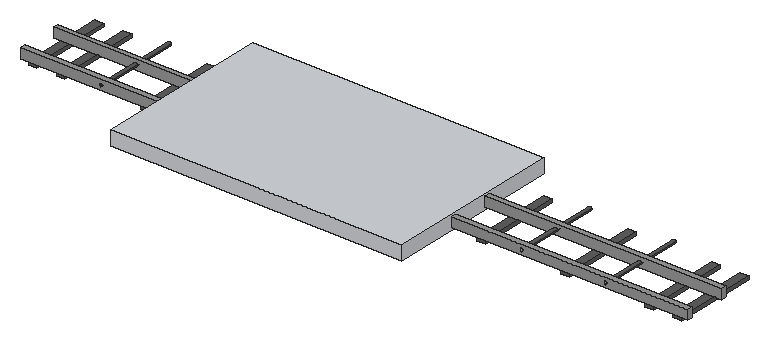
Revit family "1412-2, Solid", category Generic Models, host Face, Revit 2020
Family settings
  Host = Face
  Can host rebar = No
  Round Connector Dimension = Use Diameter
  Part Type = Normal
  Cut with Voids When Loaded = No
  Shared = No
  Room Calculation Point = No
Parameters
  min_value [instance] = 2' - 4"  # constant formula
  max_value [instance] = 11' - 11 1/4"  # constant formula
  actual_value [instance] = if(NET LENGTH < min_value, min_value, if(NET LENGTH > max_value, max_value, NET LENGTH))  # 7' - 11 1/4"
  NET LENGTH [instance] = 7' - 11 1/4"
  IMPORTANT NOTE!!!                                                                             *Backer & dowel layout is for visualization purposes only, final layout to be determined by 9Wood. [instance] = ""
  Default Elevation = 4' - 0"
  DOWEL RADIUS [instance] = 0' - 0 1/4"  # constant formula
  BACKER & DOWEL MATERIAL [instance] = BLACK-BACKERS
  .. MEMBER WIDTH [instance] = 0' - 0 3/4"  # constant formula
  .. MEMBER MATERIAL [instance] = Solid Western Hemlock
  .. MEMBER DEPTH [instance] = 0' - 1 3/8"  # constant formula
  .. MEMBER COUNT [instance] = 2  # constant formula
Reference planes (in)
  plane 1 "Center (Front/Back)": y = 0
  plane 2: z = 0
  plane 3 "Center (Left/Right)": x = 0
Forms (in)
  Extrusion 1, solid
    sketch origin (0, 0, 0) x (1, 0, 0) y (0, 1, 0)
      loop
        line (-24.24823, 14.63962) -> (-24.24823, -10.69266) -> (17.36192, -10.69266) -> (17.36192, 14.63962) -> (-24.24823, 14.63962)
    from 0 to 2.0625
Dimensions and locks (in)
  aligned and locked: plane 2 to Extrusion 1
  aligned and locked: nested 1 to plane 2
Nested families (in)
  nested 1: "1400 series" at (-44.01308, -2.1224, -0.06061), NET LENGTH <- "actual_value", .. MEMBER DEPTH <- ".. MEMBER DEPTH", .. MEMBER WIDTH <- ".. MEMBER WIDTH", DOWEL RADIUS <- "DOWEL RADIUS", BACKER & DOWEL MATERIAL <- "BACKER & DOWEL MATERIAL", .. MEMBER MATERIAL <- ".. MEMBER MATERIAL", MEMBER COUNT <- ".. MEMBER COUNT", type "1400 series"
    with X 7' - 8", SCRIM MATERIAL SCRIM, SCRIM LENGTH 8' - 1", SCRIM APPEARANCE yes, SCRIM 2 0' - 0 7/8", SCRIM 1 0' - 0 3/32", OC TYP 1' - 0", NET LENGTH 7' - 11 1/4", N 8, MEMBER COUNT 2, INSET 2 0' - 0 3/16", INSET 0' - 1", HALF MEMBER WIDTH 0' - 0 3/8", END BACKER yes, DOWEL RADIUS 0' - 0 1/4", DOWEL INDEX 0' - 11 5/8", DOWEL COUNT 7, BACKING M COUNT 8, BACKER WIDTH 0' - 1 1/4", BACKER INDEX 0' - 5 5/8", BACKER DEPTH 0' - 0 1/2", BACKER & DOWEL MATERIAL BLACK-BACKERS, BACKER &  DOWEL LENGTH 0' - 11 7/8", .. MEMBER WIDTH 0' - 0 3/4", .. MEMBER OC TYP 0' - 6", .. MEMBER MATERIAL Solid Western Hemlock, .. MEMBER DEPTH 0' - 1 3/8"
Definition of nested family "1400 series"
  Parameters (values of type "1400 series")
    X [instance] = NET LENGTH - 0' 3 1/4"  # 7' - 2"
    SCRIM MATERIAL [instance] = none
    SCRIM APPEARANCE [instance] = yes
    SCRIM 2 [instance] = 0' - 0 7/8"  # constant formula
    SCRIM 1 [instance] = 0' - 0 3/32"  # constant formula
    OC TYP [instance] = 1' - 0"  # constant formula
    N [instance] = if((X - (rounddown(X / 1' 0") * 1' 0")) > 1' 0", rounddown(X / 1' 0") + 2, rounddown(X / 1' 0") + 1)  # 8
    MEMBER COUNT [instance] = 2
    INSET 5 = 0' - 0 11/16"  # constant formula
    INSET 2 [instance] = 0' - 0 3/16"  # constant formula
    INSET [instance] = 0' - 1"  # constant formula
    END BACKER [instance] = BACKER INDEX > 0' 3 5/8"  # no
    HALF MEMBER WIDTH [instance] = .. MEMBER WIDTH / 2  # 0' - 1 1/8"
    Default Elevation = 0' - 0"
    DOWEL RADIUS [instance] = 0' - 0 1/4"
    DOWEL INDEX [instance] = BACKER INDEX + 0' 6"  # 0' - 8 5/8"
    DOWEL COUNT [instance] = N - 1  # 7
    BACKER WIDTH [instance] = 0' - 1 1/4"  # constant formula
    BACKER INDEX [instance] = (NET LENGTH - ((N - 1) * 1' 0")) / 2  # 0' - 2 5/8"
    BACKER DEPTH [instance] = 0' - 0 1/2"  # constant formula
    BACKING M COUNT [instance] = N  # 8
    BACKER & DOWEL MATERIAL [instance] = none
    BACKER &  DOWEL LENGTH [instance] = 0' - 11 7/8"  # constant formula
    SCRIM LENGTH [instance] = NET LENGTH + (SCRIM 2 * 2)  # 7' - 7"
    .. MEMBER WIDTH [instance] = 0' - 2 1/4"
    .. MEMBER OC TYP [instance] = 1' 0" / MEMBER COUNT  # 0' - 6"
    .. MEMBER MATERIAL [instance] = none
    NET LENGTH [instance] = 7' - 5 1/4"
    .. MEMBER DEPTH [instance] = 0' - 4"
  Reference planes (in)
    plane 1 "Center (Front/Back)": y = 0
    plane 2: z = 0
    plane 3 "Center (Left/Right)": x = 0
    plane 4: x = 89.25
    plane 5: x = 1
    plane 6: x = 88.25
    plane 7: x = 2.625
    plane 8: x = 8.625
    plane 9: x = 14.625
    plane 10: x = 20.625
    plane 11: y = 0.1875
    plane 12: y = 1.125
    plane 13: y = 7.125
    plane 14: y = 12.0625
    plane 15: x = 90.125
    plane 16: x = -0.875
    plane 17: y = 12.15625
    plane 18: y = -0.09375
    plane 19: z = 2.7097
    plane 20: z = 0.56061
    plane 21: z = 1.24811
  Lines and regions (in)
    model lines, not visible
      curve 1: line (8.625, 0, 0.99811) -> (8.625, 0, 1.49811)
      curve 2: line (8.625, 0, 1.49811) -> (8.375, 0, 1.24811)
      curve 3: line (8.375, 0, 1.24811) -> (8.875, 0, 1.24811)
      curve 4: line (20.625, 0, 0.99811) -> (20.625, 0, 1.49811)
      curve 5: line (20.625, 0, 1.49811) -> (20.375, 0, 1.24811)
      curve 6: line (20.375, 0, 1.24811) -> (20.875, 0, 1.24811)
      curve 7: line (32.625, 0, 0.99811) -> (32.625, 0, 1.49811)
      curve 8: line (32.625, 0, 1.49811) -> (32.375, 0, 1.24811)
      curve 9: line (32.375, 0, 1.24811) -> (32.875, 0, 1.24811)
      curve 10: line (44.625, 0, 0.99811) -> (44.625, 0, 1.49811)
      curve 11: line (44.625, 0, 1.49811) -> (44.375, 0, 1.24811)
      curve 12: line (44.375, 0, 1.24811) -> (44.875, 0, 1.24811)
      curve 13: line (56.625, 0, 0.99811) -> (56.625, 0, 1.49811)
      curve 14: line (56.625, 0, 1.49811) -> (56.375, 0, 1.24811)
      curve 15: line (56.375, 0, 1.24811) -> (56.875, 0, 1.24811)
      curve 16: line (68.625, 0, 0.99811) -> (68.625, 0, 1.49811)
      curve 17: line (68.625, 0, 1.49811) -> (68.375, 0, 1.24811)
      curve 18: line (68.375, 0, 1.24811) -> (68.875, 0, 1.24811)
      curve 19: line (80.625, 0, 0.99811) -> (80.625, 0, 1.49811)
      curve 20: line (80.625, 0, 1.49811) -> (80.375, 0, 1.24811)
      curve 21: line (80.375, 0, 1.24811) -> (80.875, 0, 1.24811)
  Dimensions and locks (in)
    "INSET": plane 3 "Center (Left/Right)" to plane 5
    "NET LENGTH": plane 3 "Center (Left/Right)" to plane 4
    "INSET": plane 6 to plane 4
    "BACKER INDEX": plane 3 "Center (Left/Right)" to plane 7
    "DOWEL INDEX": plane 3 "Center (Left/Right)" to plane 8
    "OC TYP": plane 7 to plane 9
    "OC TYP": plane 8 to plane 10
    "INSET 2": plane 1 "Center (Front/Back)" to plane 11
    equal spacing: group 1, group 2, group 5, group 6, group 7, group 13, group 14, group 16  (x3)
    equal spacing: group 3, group 4, group 8, group 9, group 10, group 15, group 17  (x3)
    group 11 to group 12 = 0' - 0"  (x2)
    group 11 to group 12 = 0' - 6"
    ".. MEMBER OC TYP": plane 13 to plane 12
    "HALF MEMBER WIDTH": plane 1 "Center (Front/Back)" to plane 12
    "SCRIM 2": plane 16 to plane 3 "Center (Left/Right)"
    "SCRIM 2": plane 4 to plane 15
    "SCRIM 1": plane 18 to plane 1 "Center (Front/Back)"
    "SCRIM 1": plane 17 to plane 14
    "INSET 5": plane 21 to plane 20
    aligned and locked: level to plane 2
    aligned and locked: plane 7 to nested 2
    aligned and locked: plane 5 to nested 1
    aligned and locked: plane 9 to nested 3
    aligned and locked: nested 1 to plane 5
    aligned and locked: nested 2 to plane 11
    aligned and locked: nested 1 to plane 11
    aligned and locked: nested 3 to plane 11
    aligned and locked: nested 4 to plane 11  (x2)
    aligned and locked: plane 10 to nested 5
    aligned and locked: plane 6 to nested 12
    aligned and locked: nested 5 to plane 11
    aligned and locked: plane 11 to nested 12
    aligned and locked: plane 12 to nested 13
    aligned and locked: nested 14 to plane 13
    aligned and locked: plane 14 to nested 8
    aligned and locked: nested 13 to plane 20
    aligned and locked: plane 21 to nested 4
    aligned and locked: plane 21 to nested 5
    aligned and locked: nested 13 to plane 8
    aligned and locked: plane 10 to nested 13
    aligned and locked: curve 1 to nested 13
    aligned and locked: nested 13 to curve 4
    aligned and locked: plane 20 to nested 1
    aligned and locked: plane 20 to nested 2
    aligned and locked: nested 12 to plane 20
  Automatic sketch dimensions
    curve 3 to curve 1 = 0' - 0 1/4"  (x2)
    curve 1 to curve 3 = 0' - 0 1/4"
    curve 1 to curve 2 = 0' - 0 1/4"
    curve 6 to curve 4 = 0' - 0 1/4"  (x2)
    curve 4 to curve 6 = 0' - 0 1/4"
    curve 4 to curve 5 = 0' - 0 1/4"
    curve 9 to curve 7 = 0' - 0 1/4"  (x2)
    curve 7 to curve 9 = 0' - 0 1/4"
    curve 7 to curve 8 = 0' - 0 1/4"
    curve 12 to curve 10 = 0' - 0 1/4"  (x2)
    curve 10 to curve 12 = 0' - 0 1/4"
    curve 10 to curve 11 = 0' - 0 1/4"
    curve 15 to curve 13 = 0' - 0 1/4"  (x2)
    curve 13 to curve 15 = 0' - 0 1/4"
    curve 13 to curve 14 = 0' - 0 1/4"
    curve 18 to curve 16 = 0' - 0 1/4"  (x2)
    curve 16 to curve 18 = 0' - 0 1/4"
    curve 16 to curve 17 = 0' - 0 1/4"
    curve 21 to curve 19 = 0' - 0 1/4"  (x2)
    curve 19 to curve 21 = 0' - 0 1/4"
    curve 19 to curve 20 = 0' - 0 1/4"
  Nested families (in)
    nested 1: "INSTANCE - 3RD -  EXTEND BOTH SIDES - Parametric Cube.0001" at (1, 0.1875, 0.56061), Length <- "BACKER &  DOWEL LENGTH", Width <- "BACKER WIDTH", Height <- "BACKER DEPTH", Material <- "BACKER & DOWEL MATERIAL", visible <- "END BACKER", type "INSTANCE - 3RD -  EXTEND BOTH SIDES - Parametric Cube.0001"
      with Width 0' - 1 1/4", Material none, Length 0' - 11 7/8", Height 0' - 0 1/2"
    nested 2: "INSTANCE - 2ND -  EXTEND SIDE H CENTER W - Parametric Cube.0001" at (2.625, 0.1875, 0.56061), Width <- "BACKER WIDTH", Length <- "BACKER &  DOWEL LENGTH", Height <- "BACKER DEPTH", Material <- "BACKER & DOWEL MATERIAL", type "INSTANCE - 2ND -  EXTEND SIDE H CENTER W - Parametric Cube.0001"
      with Width 0' - 1 1/4", Material none, Length 0' - 11 7/8", Height 0' - 0 1/2"
    nested 3: "INSTANCE - 2ND -  EXTEND SIDE H CENTER W - Parametric Cube.0001" at (14.625, 0.1875, 0.56061), Width <- "BACKER WIDTH", Length <- "BACKER &  DOWEL LENGTH", Height <- "BACKER DEPTH", Material <- "BACKER & DOWEL MATERIAL", type "INSTANCE - 2ND -  EXTEND SIDE H CENTER W - Parametric Cube.0001"
      with Width 0' - 1 1/4", Material none, Length 0' - 11 7/8", Height 0' - 0 1/2"
    nested 4: "DOWEL" at (-1.375, 0.1875, 1.24811), DOWEL LENGTH <- "BACKER &  DOWEL LENGTH", DOWEL RADII <- "DOWEL RADIUS", BACKING MEM MATERIAL <- "BACKER & DOWEL MATERIAL", type "DOWEL"
      with DOWEL RADII 0' - 0 1/4", DOWEL LENGTH 0' - 11 7/8", BACKING MEM MATERIAL none
    nested 5: "DOWEL" at (10.625, 0.1875, 1.24811), DOWEL LENGTH <- "BACKER &  DOWEL LENGTH", DOWEL RADII <- "DOWEL RADIUS", BACKING MEM MATERIAL <- "BACKER & DOWEL MATERIAL", type "DOWEL"
      with DOWEL RADII 0' - 0 1/4", DOWEL LENGTH 0' - 11 7/8", BACKING MEM MATERIAL none
    nested 6: "INSTANCE - 2ND -  EXTEND SIDE H CENTER W - Parametric Cube.0001" at (26.625, 0.1875, 0.56061), Width <- "BACKER WIDTH", Length <- "BACKER &  DOWEL LENGTH", Height <- "BACKER DEPTH", Material <- "BACKER & DOWEL MATERIAL", type "INSTANCE - 2ND -  EXTEND SIDE H CENTER W - Parametric Cube.0001"
      with Width 0' - 1 1/4", Material none, Length 0' - 11 7/8", Height 0' - 0 1/2"
    nested 7: "INSTANCE - 2ND -  EXTEND SIDE H CENTER W - Parametric Cube.0001" at (38.625, 0.1875, 0.56061), Width <- "BACKER WIDTH", Length <- "BACKER &  DOWEL LENGTH", Height <- "BACKER DEPTH", Material <- "BACKER & DOWEL MATERIAL", type "INSTANCE - 2ND -  EXTEND SIDE H CENTER W - Parametric Cube.0001"
      with Width 0' - 1 1/4", Material none, Length 0' - 11 7/8", Height 0' - 0 1/2"
    nested 8: "INSTANCE - 2ND -  EXTEND SIDE H CENTER W - Parametric Cube.0001" at (50.625, 0.1875, 0.56061), Width <- "BACKER WIDTH", Length <- "BACKER &  DOWEL LENGTH", Height <- "BACKER DEPTH", Material <- "BACKER & DOWEL MATERIAL", type "INSTANCE - 2ND -  EXTEND SIDE H CENTER W - Parametric Cube.0001"
      with Width 0' - 1 1/4", Material none, Length 0' - 11 7/8", Height 0' - 0 1/2"
    nested 9: "DOWEL" at (22.625, 0.1875, 1.24811), DOWEL LENGTH <- "BACKER &  DOWEL LENGTH", DOWEL RADII <- "DOWEL RADIUS", BACKING MEM MATERIAL <- "BACKER & DOWEL MATERIAL", type "DOWEL"
      with DOWEL RADII 0' - 0 1/4", DOWEL LENGTH 0' - 11 7/8", BACKING MEM MATERIAL none
    nested 10: "DOWEL" at (34.625, 0.1875, 1.24811), DOWEL LENGTH <- "BACKER &  DOWEL LENGTH", DOWEL RADII <- "DOWEL RADIUS", BACKING MEM MATERIAL <- "BACKER & DOWEL MATERIAL", type "DOWEL"
      with DOWEL RADII 0' - 0 1/4", DOWEL LENGTH 0' - 11 7/8", BACKING MEM MATERIAL none
    nested 11: "DOWEL" at (46.625, 0.1875, 1.24811), DOWEL LENGTH <- "BACKER &  DOWEL LENGTH", DOWEL RADII <- "DOWEL RADIUS", BACKING MEM MATERIAL <- "BACKER & DOWEL MATERIAL", type "DOWEL"
      with DOWEL RADII 0' - 0 1/4", DOWEL LENGTH 0' - 11 7/8", BACKING MEM MATERIAL none
    nested 12: "INSTANCE - 3RD -  EXTEND BOTH SIDES - Parametric Cube.0001" at (88.25, 0.1875, 0.56061) x (-1, 0, 0) z (0, 0, 1), Width <- "BACKER WIDTH", Length <- "BACKER &  DOWEL LENGTH", Height <- "BACKER DEPTH", Material <- "BACKER & DOWEL MATERIAL", visible <- "END BACKER", type "INSTANCE - 3RD -  EXTEND BOTH SIDES - Parametric Cube.0001"
      with Width 0' - 1 1/4", Material none, Length 0' - 11 7/8", Height 0' - 0 1/2"
    nested 13: "HOLED MEMBER" at (0, -9.75, 8.12965), DOWEL INDEX <- "DOWEL INDEX", .. MEMBER LENGTH <- "NET LENGTH", .. MEMBER WIDTH <- ".. MEMBER WIDTH", DOWEL OC DIST <- "OC TYP", DOWEL RADII <- "DOWEL RADIUS", Material <- ".. MEMBER MATERIAL", DEPTH <- ".. MEMBER DEPTH", DOWEL COUNT <- "DOWEL COUNT", Space <- "INSET 5", type "HOLED MEMBER"
      with Space 0' - 0 11/16", Material none, Height 0' - 10.43096", HALF MEMBER WIDTH 0' - 1 1/8", DOWEL RADII 0' - 0 1/4", DOWEL OC DIST 1' - 0", DOWEL INDEX 0' - 8 5/8", DOWEL COUNT 7, DEPTH 0' - 4", .. MEMBER WIDTH 0' - 2 1/4", .. MEMBER LENGTH 7' - 5 1/4"
    nested 14: "HOLED MEMBER" at (0, -3.75, 8.12965), DOWEL INDEX <- "DOWEL INDEX", .. MEMBER LENGTH <- "NET LENGTH", .. MEMBER WIDTH <- ".. MEMBER WIDTH", DOWEL OC DIST <- "OC TYP", DOWEL RADII <- "DOWEL RADIUS", Material <- ".. MEMBER MATERIAL", DEPTH <- ".. MEMBER DEPTH", DOWEL COUNT <- "DOWEL COUNT", Space <- "INSET 5", type "HOLED MEMBER"
      with Space 0' - 0 11/16", Material none, Height 0' - 10.43096", HALF MEMBER WIDTH 0' - 1 1/8", DOWEL RADII 0' - 0 1/4", DOWEL OC DIST 1' - 0", DOWEL INDEX 0' - 8 5/8", DOWEL COUNT 7, DEPTH 0' - 4", .. MEMBER WIDTH 0' - 2 1/4", .. MEMBER LENGTH 7' - 5 1/4"
    nested 15: "INSTANCE - 2ND -  EXTEND SIDE H CENTER W - Parametric Cube.0001" at (62.625, 0.1875, 0.56061), Width <- "BACKER WIDTH", Length <- "BACKER &  DOWEL LENGTH", Height <- "BACKER DEPTH", Material <- "BACKER & DOWEL MATERIAL", type "INSTANCE - 2ND -  EXTEND SIDE H CENTER W - Parametric Cube.0001"
      with Width 0' - 1 1/4", Material none, Length 0' - 11 7/8", Height 0' - 0 1/2"
    nested 16: "INSTANCE - 2ND -  EXTEND SIDE H CENTER W - Parametric Cube.0001" at (74.625, 0.1875, 0.56061), Width <- "BACKER WIDTH", Length <- "BACKER &  DOWEL LENGTH", Height <- "BACKER DEPTH", Material <- "BACKER & DOWEL MATERIAL", type "INSTANCE - 2ND -  EXTEND SIDE H CENTER W - Parametric Cube.0001"
      with Width 0' - 1 1/4", Material none, Length 0' - 11 7/8", Height 0' - 0 1/2"
    nested 17: "DOWEL" at (58.625, 0.1875, 1.24811), DOWEL LENGTH <- "BACKER &  DOWEL LENGTH", DOWEL RADII <- "DOWEL RADIUS", BACKING MEM MATERIAL <- "BACKER & DOWEL MATERIAL", type "DOWEL"
      with DOWEL RADII 0' - 0 1/4", DOWEL LENGTH 0' - 11 7/8", BACKING MEM MATERIAL none
    nested 18: "INSTANCE - 2ND -  EXTEND SIDE H CENTER W - Parametric Cube.0001" at (86.625, 0.1875, 0.56061), Width <- "BACKER WIDTH", Length <- "BACKER &  DOWEL LENGTH", Height <- "BACKER DEPTH", Material <- "BACKER & DOWEL MATERIAL", type "INSTANCE - 2ND -  EXTEND SIDE H CENTER W - Parametric Cube.0001"
      with Width 0' - 1 1/4", Material none, Length 0' - 11 7/8", Height 0' - 0 1/2"
    nested 19: "DOWEL" at (70.625, 0.1875, 1.24811), DOWEL LENGTH <- "BACKER &  DOWEL LENGTH", DOWEL RADII <- "DOWEL RADIUS", BACKING MEM MATERIAL <- "BACKER & DOWEL MATERIAL", type "DOWEL"
      with DOWEL RADII 0' - 0 1/4", DOWEL LENGTH 0' - 11 7/8", BACKING MEM MATERIAL none
  Definition of nested family "INSTANCE - 3RD -  EXTEND BOTH SIDES - Parametric Cube.0001"
    Parameters (values of type "INSTANCE - 3RD -  EXTEND BOTH SIDES - Parametric Cube.0001")
      Width [instance] = 0' - 6"
      Material [instance] = none
      Length [instance] = 1' - 0"
      Height [instance] = 1' - 6"
      Default Elevation = 0' - 0"
    Reference planes (in)
      plane 1 "Center (Front/Back)": y = 0
      plane 2: z = 0
      plane 3 "Center (Left/Right)": x = 0
      plane 4: x = 6
      plane 5: y = 12
      plane 6: z = -18
    Forms (in)
      Extrusion 1, solid, material <- "Material"
        sketch origin (0, 6, 0) x (1, 0, 0) y (0, 1, 0)
          loop
            line (0, 6) -> (0, -6) -> (6, -6) -> (6, 6) -> (0, 6)
        from -18 to 0
    Dimensions and locks (in)
      "Height": plane 6 to level
      "Length": plane 1 "Center (Front/Back)" to plane 5
      "Width": plane 3 "Center (Left/Right)" to plane 4
      aligned and locked: plane 2 to level
      aligned and locked: Extrusion 1 sketch curve to plane 4
      aligned and locked: Extrusion 1 to plane 6
      aligned and locked: plane 5 to Extrusion 1
      aligned and locked: Extrusion 1 to plane 3 "Center (Left/Right)"
    Automatic sketch dimensions
      plane 1 "Center (Front/Back)" to Extrusion 1 sketch curve = 0' - 0"
      plane 5 to Extrusion 1 sketch curve = 0' - 0"
      Extrusion 1 sketch curve to plane 3 "Center (Left/Right)" = 0' - 0"
  Definition of nested family "INSTANCE - 2ND -  EXTEND SIDE H CENTER W - Parametric Cube.0001"
    Parameters (values of type "INSTANCE - 2ND -  EXTEND SIDE H CENTER W - Parametric Cube.0001")
      Width [instance] = 0' - 6"
      Material [instance] = none
      Length [instance] = 1' - 0"
      Height [instance] = 1' - 6"
      Default Elevation = 0' - 0"
    Reference planes (in)
      plane 1 "Center (Front/Back)": y = 0
      plane 2: z = 0
      plane 3 "Center (Left/Right)": x = 0
      plane 4: x = -3
      plane 5: x = 3
      plane 6: y = 12
      plane 7: z = -18
    Forms (in)
      Extrusion 1, solid, material <- "Material"
        sketch origin (0, 6, 0) x (1, 0, 0) y (0, 1, 0)
          loop
            line (-3, 6) -> (-3, -6) -> (3, -6) -> (3, 6) -> (-3, 6)
        from -18 to 0
    Dimensions and locks (in)
      equal spacing: plane 4, plane 3 "Center (Left/Right)", plane 5
      "Width": plane 4 to plane 5
      "Height": plane 7 to level
      "Length": plane 1 "Center (Front/Back)" to plane 6
      aligned and locked: plane 2 to level
      aligned and locked: plane 4 to Extrusion 1 sketch curve
      aligned and locked: Extrusion 1 sketch curve to plane 5
      aligned and locked: Extrusion 1 to plane 7
      aligned and locked: plane 6 to Extrusion 1
    Automatic sketch dimensions
      plane 1 "Center (Front/Back)" to Extrusion 1 sketch curve = 0' - 0"
      plane 6 to Extrusion 1 sketch curve = 0' - 0"
  Definition of nested family "DOWEL"
    Parameters (values of type "DOWEL")
      Default Elevation = 0' - 0"
      DOWEL RADII [instance] = 0' - 0 5/8"
      DOWEL LENGTH [instance] = 1' - 0"
      BACKING MEM MATERIAL [instance] = none
    Reference planes (in)
      plane 1 "Center (Front/Back)": y = 0
      plane 2: z = 0
      plane 3 "Center (Left/Right)": x = 0
      plane 4: y = 12
    Forms (in)
      Extrusion 1, solid, material <- "BACKING MEM MATERIAL"
        sketch origin (10, 0, 0) x (1, 0, 0) y (0, 0, 1)
          loop
            circle (0, 0) r 0.625
        from 0 to -12
      Extrusion 2, solid, not visible
        sketch origin (0, 0, 0) x (1, 0, 0) y (0, 0, 1)
          loop
            circle (0, 0) r 0.625
        from 0 to 12
      Extrusion 3, solid, not visible
        sketch origin (10, 0, 0) x (1, 0, 0) y (0, 0, 1)
          loop
            circle (0, 0) r 0.625
        from 0 to 2.5
      Extrusion 4, solid, not visible
        sketch origin (10, 0, 0) x (1, 0, 0) y (0, 0, 1)
          loop
            circle (0, 0) r 0.625
        from 0 to -12
    Lines and regions (in)
      model lines, not visible
        curve 1: line (-13, 0, 0) -> (-13, -12, 0)
        curve 2: line (13, 0, 0) -> (13, -12, 0)
        curve 3: line (9.89453, 0, 0) -> (10.08794, 0, 0)
        curve 4: line (9.89453, -2.5, 0) -> (10.08794, -2.5, 0)
        curve 6: line (10, 0, 0) -> (10, 2, 0)
      model lines
        curve 5: line (10, 0, 0) -> (10, 2, 0)
    Dimensions and locks (in)
      "DOWEL LENGTH": plane 1 "Center (Front/Back)" to plane 4
      "DOWEL RADII": radius of Extrusion 1 sketch curve
      "DOWEL RADII": radius of Extrusion 2 sketch curve
      "DOWEL RADII": radius of Extrusion 3 sketch curve
      "DOWEL RADII": radius of Extrusion 4 sketch curve
      "DOWEL RADII": radius of Extrusion 1
      aligned and locked: plane 2 to level
      aligned and locked: Extrusion 1 to plane 1 "Center (Front/Back)"  (x3)
      aligned and locked: plane 1 "Center (Front/Back)" to Extrusion 1
      aligned and locked: plane 4 to Extrusion 1
    Automatic sketch dimensions
      plane 1 "Center (Front/Back)" to curve 5 = 0' - 0"
      curve 5 to plane 1 "Center (Front/Back)" = 0' - 2"
      plane 3 "Center (Left/Right)" to curve 5 = 0' - 10"
      Extrusion 1 sketch curve to level = 0' - 0"
      plane 3 "Center (Left/Right)" to Extrusion 1 sketch curve = 0' - 10"
  Definition of nested family "HOLED MEMBER"
    Parameters (values of type "HOLED MEMBER")
      Space [instance] = 0' - 0 5/8"
      Material [instance] = none
      Height [instance] = 0' - 10.43096"
      HALF MEMBER WIDTH [instance] = .. MEMBER WIDTH / 2  # 0' - 0 5/16"
      Default Elevation = 0' - 0"
      DOWEL RADII [instance] = 0' - 0.34537"
      DOWEL OC DIST [instance] = 1' - 0"
      DOWEL INSET = 0' - 0 5/8"
      DOWEL INDEX [instance] = 0' - 5 5/8"
      DOWEL COUNT [instance] = 6
      DEPTH [instance] = 0' - 2"
      .. MEMBER WIDTH [instance] = 0' - 0 5/8"
      .. MEMBER LENGTH [instance] = 5' - 11 3/4"
    Reference planes (in)
      plane 1 "Center (Front/Back)": y = 12
      plane 2: z = -7.56904
      plane 3 "Center (Left/Right)": x = 0
      plane 4: x = 5.625
      plane 5: x = 17.625
      plane 6: y = 11.375
      plane 7: x = 71.75
      plane 8: y = 11.6875
      plane 9: z = -6.94404
      plane 10: z = -5.56904
    Forms (in)
      Extrusion 1, solid, material <- "Material"
        sketch origin (0, 12, -13.56904) x (1, 0, 0) y (0, 0, 1)
          loop
            line (0, 6) -> (71.75, 6) -> (71.75, 8) -> (0, 8) -> (0, 6)
        from 0.625 to 0
      Extrusion 2, void
        sketch origin (0, 12, -18.31904) x (1, 0, 0) y (0, 0, 1)
          loop
            circle (5.625, 11.375) r 0.34537
        from 0 to 12
      Extrusion 3, void, not visible
        sketch origin (0, 0, 0) x (1, 0, 0) y (0, 1, 0)
          loop
            circle (5.625, 11.375) r 0.34537
        from 0 to 12
      Extrusion 4, void, not visible
        sketch origin (0, 0, 0) x (1, 0, 0) y (0, 1, 0)
          loop
            circle (5.625, 11.375) r 0.34537
        from 0 to 12
      Extrusion 5, void, not visible
        sketch origin (12, 0, 0) x (1, 0, 0) y (0, 1, 0)
          loop
            circle (5.625, 11.375) r 0.34537
        from 0 to 12
      Extrusion 6, void, not visible
        sketch origin (0, 12, -17.56904) x (1, 0, 0) y (0, 0, 1)
          loop
            circle (5.625, 11.375) r 0.34537
        from 0 to 12
      Extrusion 7, void, not visible
        sketch origin (12, 12, -17.56904) x (1, 0, 0) y (0, 0, 1)
          loop
            circle (5.625, 11.375) r 0.34537
        from 0 to 12
      Extrusion 8, void, not visible
        sketch origin (0, 12, -19.56904) x (1, 0, 0) y (0, 0, 1)
          loop
            circle (5.625, 11.375) r 0.34537
        from 0 to 12
      Extrusion 9, void
        sketch origin (12, 12, -18.31904) x (1, 0, 0) y (0, 0, 1)
          loop
            circle (5.625, 11.375) r 0.34537
        from 0 to 12
      Extrusion 10, void
        sketch origin (24, 12, -18.31904) x (1, 0, 0) y (0, 0, 1)
          loop
            circle (5.625, 11.375) r 0.34537
        from 0 to 12
      Extrusion 11, void
        sketch origin (36, 12, -18.31904) x (1, 0, 0) y (0, 0, 1)
          loop
            circle (5.625, 11.375) r 0.34537
        from 0 to 12
      Extrusion 12, void
        sketch origin (48, 12, -18.31904) x (1, 0, 0) y (0, 0, 1)
          loop
            circle (5.625, 11.375) r 0.34537
        from 0 to 12
      Extrusion 13, void
        sketch origin (60, 12, -18.31904) x (1, 0, 0) y (0, 0, 1)
          loop
            circle (5.625, 11.375) r 0.34537
        from 0 to 12
      Extrusion 14, void, not visible
        sketch origin (24, 12, -17.56904) x (1, 0, 0) y (0, 0, 1)
          loop
            circle (5.625, 11.375) r 0.34537
        from 0 to 12
      Extrusion 15, void, not visible
        sketch origin (36, 12, -17.56904) x (1, 0, 0) y (0, 0, 1)
          loop
            circle (5.625, 11.375) r 0.34537
        from 0 to 12
      Extrusion 16, void, not visible
        sketch origin (48, 12, -17.56904) x (1, 0, 0) y (0, 0, 1)
          loop
            circle (5.625, 11.375) r 0.34537
        from 0 to 12
      Extrusion 17, void, not visible
        sketch origin (60, 12, -17.56904) x (1, 0, 0) y (0, 0, 1)
          loop
            circle (5.625, 11.375) r 0.34537
        from 0 to 12
      Extrusion 18, void, not visible
        sketch origin (24, 0, 0) x (1, 0, 0) y (0, 1, 0)
          loop
            circle (5.625, 11.375) r 0.34537
        from 0 to 12
      Extrusion 19, void, not visible
        sketch origin (36, 0, 0) x (1, 0, 0) y (0, 1, 0)
          loop
            circle (5.625, 11.375) r 0.34537
        from 0 to 12
      Extrusion 20, void, not visible
        sketch origin (48, 0, 0) x (1, 0, 0) y (0, 1, 0)
          loop
            circle (5.625, 11.375) r 0.34537
        from 0 to 12
      Extrusion 21, void, not visible
        sketch origin (60, 0, 0) x (1, 0, 0) y (0, 1, 0)
          loop
            circle (5.625, 11.375) r 0.34537
        from 0 to 12
    Cuts and joins
      Extrusion 2, Extrusion 9, Extrusion 10, Extrusion 11, Extrusion 12, Extrusion 13 cuts Extrusion 1
    Lines and regions (in)
      model lines, not visible
        curve 1: line (5.625, 11.72037, 0) -> (5.625, 11.02963, 0)
        curve 2: line (5.625, 11.72037, 0) -> (5.625, 11.02963, 0)
        curve 3: line (17.625, 11.72037, 0) -> (17.625, 11.02963, 0)
        curve 4: line (5.625, 12, -7.56904) -> (5.625, 11.87317, -7.56904)
        curve 5: line (5.625, 11.87317, -7.56904) -> (5.06195, 11.87317, -7.56904)
        curve 6: line (5.06195, 11.87317, -7.56904) -> (5.27963, 11.375, -7.56904)
        curve 7: line (0, 12, -6.19404) -> (0, 11.61951, -6.19404)
        curve 9: line (0, 11.375, -8.19404) -> (0, 11.6747, -8.19404)
        curve 10: line (5.625, 12, -7.56904) -> (5.625, 11.69863, -7.56904)
        curve 11: line (5.625, 12, -7.56904) -> (5.625, 11.69863, -7.56904)
        curve 12: line (5.625, 10.75, 0) -> (5.625, 10.75, 0.30137)
        curve 13: line (5.625, 10.75, 0) -> (5.625, 10.75, 0.30137)
        curve 14: line (17.625, 10.75, 0) -> (17.625, 10.75, 0.30137)
        curve 15: line (5.625, 12, -6.81904) -> (5.625, 11.69863, -6.81904)
        curve 16: line (17.625, 12, -6.81904) -> (17.625, 11.69863, -6.81904)
        curve 17: line (5.625, 12, -8.81904) -> (5.625, 11.69863, -8.81904)
        curve 18: line (17.625, 12, -7.56904) -> (17.625, 11.69863, -7.56904)
        curve 19: line (29.625, 12, -7.56904) -> (29.625, 11.69863, -7.56904)
        curve 20: line (41.625, 12, -7.56904) -> (41.625, 11.69863, -7.56904)
        curve 21: line (53.625, 12, -7.56904) -> (53.625, 11.69863, -7.56904)
        curve 22: line (65.625, 12, -7.56904) -> (65.625, 11.69863, -7.56904)
        curve 23: line (29.625, 12, -6.81904) -> (29.625, 11.69863, -6.81904)
        curve 24: line (41.625, 12, -6.81904) -> (41.625, 11.69863, -6.81904)
        curve 25: line (53.625, 12, -6.81904) -> (53.625, 11.69863, -6.81904)
        curve 26: line (65.625, 12, -6.81904) -> (65.625, 11.69863, -6.81904)
        curve 27: line (29.625, 11.72037, 0) -> (29.625, 11.02963, 0)
        curve 28: line (29.625, 10.75, 0) -> (29.625, 10.75, 0.30137)
        curve 29: line (41.625, 11.72037, 0) -> (41.625, 11.02963, 0)
        curve 30: line (41.625, 10.75, 0) -> (41.625, 10.75, 0.30137)
        curve 31: line (53.625, 11.72037, 0) -> (53.625, 11.02963, 0)
        curve 32: line (53.625, 10.75, 0) -> (53.625, 10.75, 0.30137)
        curve 33: line (65.625, 11.72037, 0) -> (65.625, 11.02963, 0)
        curve 34: line (65.625, 10.75, 0) -> (65.625, 10.75, 0.30137)
        curve 35: line (5.27963, 12, -6.94404) -> (5.97037, 12, -6.94404)
        curve 36: line (5.97037, 12, -6.94404) -> (5.625, 12, -6.59867)
        curve 37: line (5.625, 12, -6.59867) -> (5.625, 12, -7.28941)
        curve 38: line (5.27963, 11.375, 0) -> (5.97037, 11.375, 0)
        curve 39: line (5.97037, 11.375, 0) -> (5.625, 11.72037, 0)
        curve 40: line (5.625, 11.72037, 0) -> (5.625, 11.02963, 0)
        curve 41: line (5.27963, 11.375, 0) -> (5.97037, 11.375, 0)
        curve 42: line (5.97037, 11.375, 0) -> (5.625, 11.72037, 0)
        curve 43: line (5.625, 11.72037, 0) -> (5.625, 11.02963, 0)
        curve 44: line (17.27963, 11.375, 0) -> (17.97037, 11.375, 0)
        curve 45: line (17.97037, 11.375, 0) -> (17.625, 11.72037, 0)
        curve 46: line (17.625, 11.72037, 0) -> (17.625, 11.02963, 0)
        curve 47: line (5.27963, 12, -6.19404) -> (5.97037, 12, -6.19404)
        curve 48: line (5.97037, 12, -6.19404) -> (5.625, 12, -5.84867)
        curve 49: line (5.625, 12, -5.84867) -> (5.625, 12, -6.53941)
        curve 50: line (17.27963, 12, -6.19404) -> (17.97037, 12, -6.19404)
        curve 51: line (17.97037, 12, -6.19404) -> (17.625, 12, -5.84867)
        curve 52: line (17.625, 12, -5.84867) -> (17.625, 12, -6.53941)
        curve 53: line (5.27963, 12, -8.19404) -> (5.97037, 12, -8.19404)
        curve 54: line (5.97037, 12, -8.19404) -> (5.625, 12, -7.84867)
        curve 55: line (5.625, 12, -7.84867) -> (5.625, 12, -8.53941)
        curve 56: line (17.27963, 12, -6.94404) -> (17.97037, 12, -6.94404)
        curve 57: line (17.97037, 12, -6.94404) -> (17.625, 12, -6.59867)
        curve 58: line (17.625, 12, -6.59867) -> (17.625, 12, -7.28941)
        curve 59: line (29.27963, 12, -6.94404) -> (29.97037, 12, -6.94404)
        curve 60: line (29.97037, 12, -6.94404) -> (29.625, 12, -6.59867)
        curve 61: line (29.625, 12, -6.59867) -> (29.625, 12, -7.28941)
        curve 62: line (41.27963, 12, -6.94404) -> (41.97037, 12, -6.94404)
        curve 63: line (41.97037, 12, -6.94404) -> (41.625, 12, -6.59867)
        curve 64: line (41.625, 12, -6.59867) -> (41.625, 12, -7.28941)
        curve 65: line (53.27963, 12, -6.94404) -> (53.97037, 12, -6.94404)
        curve 66: line (53.97037, 12, -6.94404) -> (53.625, 12, -6.59867)
        curve 67: line (53.625, 12, -6.59867) -> (53.625, 12, -7.28941)
        curve 68: line (65.27963, 12, -6.94404) -> (65.97037, 12, -6.94404)
        curve 69: line (65.97037, 12, -6.94404) -> (65.625, 12, -6.59867)
        curve 70: line (65.625, 12, -6.59867) -> (65.625, 12, -7.28941)
        curve 71: line (29.27963, 12, -6.19404) -> (29.97037, 12, -6.19404)
        curve 72: line (29.97037, 12, -6.19404) -> (29.625, 12, -5.84867)
        curve 73: line (29.625, 12, -5.84867) -> (29.625, 12, -6.53941)
        curve 74: line (41.27963, 12, -6.19404) -> (41.97037, 12, -6.19404)
        curve 75: line (41.97037, 12, -6.19404) -> (41.625, 12, -5.84867)
        curve 76: line (41.625, 12, -5.84867) -> (41.625, 12, -6.53941)
        curve 77: line (53.27963, 12, -6.19404) -> (53.97037, 12, -6.19404)
        curve 78: line (53.97037, 12, -6.19404) -> (53.625, 12, -5.84867)
        curve 79: line (53.625, 12, -5.84867) -> (53.625, 12, -6.53941)
        curve 80: line (65.27963, 12, -6.19404) -> (65.97037, 12, -6.19404)
        curve 81: line (65.97037, 12, -6.19404) -> (65.625, 12, -5.84867)
        curve 82: line (65.625, 12, -5.84867) -> (65.625, 12, -6.53941)
        curve 83: line (29.27963, 11.375, 0) -> (29.97037, 11.375, 0)
        curve 84: line (29.97037, 11.375, 0) -> (29.625, 11.72037, 0)
        curve 85: line (29.625, 11.72037, 0) -> (29.625, 11.02963, 0)
        curve 86: line (41.27963, 11.375, 0) -> (41.97037, 11.375, 0)
        curve 87: line (41.97037, 11.375, 0) -> (41.625, 11.72037, 0)
        curve 88: line (41.625, 11.72037, 0) -> (41.625, 11.02963, 0)
        curve 89: line (53.27963, 11.375, 0) -> (53.97037, 11.375, 0)
        curve 90: line (53.97037, 11.375, 0) -> (53.625, 11.72037, 0)
        curve 91: line (53.625, 11.72037, 0) -> (53.625, 11.02963, 0)
        curve 92: line (65.27963, 11.375, 0) -> (65.97037, 11.375, 0)
        curve 93: line (65.97037, 11.375, 0) -> (65.625, 11.72037, 0)
        curve 94: line (65.625, 11.72037, 0) -> (65.625, 11.02963, 0)
      model lines
        curve 8: line (5.625, 12, -7.56904) -> (5.625, 11.69863, -7.56904)
    Dimensions and locks (in)
      "DOWEL INDEX": plane 3 "Center (Left/Right)" to plane 4
      "DOWEL OC DIST": plane 4 to plane 5
      ".. MEMBER LENGTH": plane 3 "Center (Left/Right)" to plane 7
      equal spacing: group 3, group 4, group 21, group 22, group 23, group 24  (x3)
      equal spacing: group 7, group 8, group 17, group 18, group 19, group 20  (x3)
      ".. MEMBER WIDTH": plane 6 to plane 1 "Center (Front/Back)"
      "HALF MEMBER WIDTH": plane 8 to plane 1 "Center (Front/Back)"
      equal spacing: group 1, group 12, group 13, group 14, group 15, group 16  (x2)
      equal spacing: group 16, group 15, group 14, group 13, group 12, group 1
      "DEPTH": plane 10 to level
      "Space": plane 9 to level
      "DOWEL RADII": radius of Extrusion 2 sketch curve
      "DOWEL RADII": radius of Extrusion 3 sketch curve
      "DOWEL RADII": radius of Extrusion 4 sketch curve
      "DOWEL RADII": radius of Extrusion 5 sketch curve
      "DOWEL RADII": radius of Extrusion 6 sketch curve
      "DOWEL RADII": radius of Extrusion 7 sketch curve
      "DOWEL RADII": radius of Extrusion 8 sketch curve
      "DOWEL RADII": radius of Extrusion 9 sketch curve
      "DOWEL RADII": radius of Extrusion 10 sketch curve
      "DOWEL RADII": radius of Extrusion 11 sketch curve
      "DOWEL RADII": radius of Extrusion 12 sketch curve
      "DOWEL RADII": radius of Extrusion 13 sketch curve
      "DOWEL RADII": radius of Extrusion 14 sketch curve
      "DOWEL RADII": radius of Extrusion 15 sketch curve
      "DOWEL RADII": radius of Extrusion 16 sketch curve
      "DOWEL RADII": radius of Extrusion 17 sketch curve
      "DOWEL RADII": radius of Extrusion 18 sketch curve
      "DOWEL RADII": radius of Extrusion 19 sketch curve
      "DOWEL RADII": radius of Extrusion 20 sketch curve
      "DOWEL RADII": radius of Extrusion 21 sketch curve
      aligned and locked: level to plane 2
      aligned and locked: Extrusion 1 to plane 3 "Center (Left/Right)"  (x2)
      aligned and locked: plane 7 to cut or joined group of Extrusion 1, Extrusion 2, Extrusion 9, Extrusion 10, Extrusion 11, Extrusion 12, Extrusion 13  (x2)
      aligned and locked: cut or joined group of Extrusion 1, Extrusion 2, Extrusion 9, Extrusion 10, Extrusion 11, Extrusion 12, Extrusion 13 to plane 1 "Center (Front/Back)"  (x2)
      aligned and locked: cut or joined group of Extrusion 1, Extrusion 2, Extrusion 9, Extrusion 10, Extrusion 11, Extrusion 12, Extrusion 13 to plane 6  (x2)
      aligned and locked: plane 4 to curve 11
      aligned and locked: curve 18 to plane 5
      aligned and locked: plane 4 to group 1
      aligned and locked: group 12 to plane 5
      aligned and locked: curve 35 to plane 9
      aligned and locked: plane 4 to curve 37
      aligned and locked: curve 56 to plane 9
      aligned and locked: curve 58 to plane 5
      aligned and locked: plane 10 to cut or joined group of Extrusion 1, Extrusion 2, Extrusion 9, Extrusion 10, Extrusion 11, Extrusion 12, Extrusion 13  (x2)
      aligned and locked: cut or joined group of Extrusion 1, Extrusion 2, Extrusion 9, Extrusion 10, Extrusion 11, Extrusion 12, Extrusion 13 to level
      aligned and locked: level to cut or joined group of Extrusion 1, Extrusion 2, Extrusion 9, Extrusion 10, Extrusion 11, Extrusion 12, Extrusion 13
    Automatic sketch dimensions
      curve 1 to curve 1 = 0' - 0.69074"
      curve 2 to curve 2 = 0' - 0.69074"
      curve 3 to curve 3 = 0' - 0.69074"
      Extrusion 1 sketch curve to plane 3 "Center (Left/Right)" = 0' - 0"
      Extrusion 1 sketch curve to plane 7 = 0' - 0"
      Extrusion 1 sketch curve to Extrusion 1 sketch curve = 0' - 2"
      Extrusion 1 sketch curve to level = 0' - 0"
      curve 8 to curve 8 = 0' - 0.30137"
      curve 10 to curve 10 = 0' - 0.30137"
      curve 8 to plane 4 = 0' - 0"
      plane 1 "Center (Front/Back)" to curve 8 = 0' - 0"
      plane 1 "Center (Front/Back)" to curve 8 = 0' - 0.30137"
      curve 11 to curve 11 = 0' - 0.30137"
      curve 12 to curve 12 = 0' - 0.30137"
      curve 13 to curve 13 = 0' - 0.30137"
      curve 14 to curve 14 = 0' - 0.30137"
      curve 15 to curve 15 = 0' - 0.30137"
      curve 16 to curve 16 = 0' - 0.30137"
      curve 17 to curve 17 = 0' - 0.30137"
      curve 18 to curve 18 = 0' - 0.30137"
      curve 19 to curve 19 = 0' - 0.30137"
      curve 20 to curve 20 = 0' - 0.30137"
      curve 21 to curve 21 = 0' - 0.30137"
      curve 22 to curve 22 = 0' - 0.30137"
      curve 23 to curve 23 = 0' - 0.30137"
      curve 24 to curve 24 = 0' - 0.30137"
      curve 25 to curve 25 = 0' - 0.30137"
      curve 26 to curve 26 = 0' - 0.30137"
      curve 27 to curve 27 = 0' - 0.69074"
      curve 28 to curve 28 = 0' - 0.30137"
      curve 29 to curve 29 = 0' - 0.69074"
      curve 30 to curve 30 = 0' - 0.30137"
      curve 31 to curve 31 = 0' - 0.69074"
      curve 32 to curve 32 = 0' - 0.30137"
      curve 33 to curve 33 = 0' - 0.69074"
      curve 34 to curve 34 = 0' - 0.30137"
      curve 37 to curve 35 = 0' - 0.34537"  (x2)
      curve 35 to curve 36 = 0' - 0.34537"
      curve 35 to curve 37 = 0' - 0.34537"
      curve 40 to curve 38 = 0' - 0.34537"  (x2)
      curve 38 to curve 39 = 0' - 0.34537"
      curve 38 to curve 40 = 0' - 0.34537"
      curve 43 to curve 41 = 0' - 0.34537"  (x2)
      curve 41 to curve 42 = 0' - 0.34537"
      curve 41 to curve 43 = 0' - 0.34537"
      curve 46 to curve 44 = 0' - 0.34537"  (x2)
      curve 44 to curve 45 = 0' - 0.34537"
      curve 44 to curve 46 = 0' - 0.34537"
      curve 49 to curve 47 = 0' - 0.34537"  (x2)
      curve 47 to curve 48 = 0' - 0.34537"
      curve 47 to curve 49 = 0' - 0.34537"
      curve 52 to curve 50 = 0' - 0.34537"  (x2)
      curve 50 to curve 51 = 0' - 0.34537"
      curve 50 to curve 52 = 0' - 0.34537"
      curve 55 to curve 53 = 0' - 0.34537"  (x2)
      curve 53 to curve 54 = 0' - 0.34537"
      curve 53 to curve 55 = 0' - 0.34537"
      curve 58 to curve 56 = 0' - 0.34537"  (x2)
      curve 56 to curve 57 = 0' - 0.34537"
      curve 56 to curve 58 = 0' - 0.34537"
      curve 61 to curve 59 = 0' - 0.34537"  (x2)
      curve 59 to curve 60 = 0' - 0.34537"
      curve 59 to curve 61 = 0' - 0.34537"
      curve 64 to curve 62 = 0' - 0.34537"  (x2)
      curve 62 to curve 63 = 0' - 0.34537"
      curve 62 to curve 64 = 0' - 0.34537"
      curve 67 to curve 65 = 0' - 0.34537"  (x2)
      curve 65 to curve 66 = 0' - 0.34537"
      curve 65 to curve 67 = 0' - 0.34537"
      curve 70 to curve 68 = 0' - 0.34537"  (x2)
      curve 68 to curve 69 = 0' - 0.34537"
      curve 68 to curve 70 = 0' - 0.34537"
      curve 73 to curve 71 = 0' - 0.34537"  (x2)
      curve 71 to curve 72 = 0' - 0.34537"
      curve 71 to curve 73 = 0' - 0.34537"
      curve 76 to curve 74 = 0' - 0.34537"  (x2)
      curve 74 to curve 75 = 0' - 0.34537"
      curve 74 to curve 76 = 0' - 0.34537"
      curve 79 to curve 77 = 0' - 0.34537"  (x2)
      curve 77 to curve 78 = 0' - 0.34537"
      curve 77 to curve 79 = 0' - 0.34537"
      curve 82 to curve 80 = 0' - 0.34537"  (x2)
      curve 80 to curve 81 = 0' - 0.34537"
      curve 80 to curve 82 = 0' - 0.34537"
      curve 85 to curve 83 = 0' - 0.34537"  (x2)
      curve 83 to curve 84 = 0' - 0.34537"
      curve 83 to curve 85 = 0' - 0.34537"
      curve 88 to curve 86 = 0' - 0.34537"  (x2)
      curve 86 to curve 87 = 0' - 0.34537"
      curve 86 to curve 88 = 0' - 0.34537"
      curve 91 to curve 89 = 0' - 0.34537"  (x2)
      curve 89 to curve 90 = 0' - 0.34537"
      curve 89 to curve 91 = 0' - 0.34537"
      curve 94 to curve 92 = 0' - 0.34537"  (x2)
      curve 92 to curve 93 = 0' - 0.34537"
      curve 92 to curve 94 = 0' - 0.34537"
